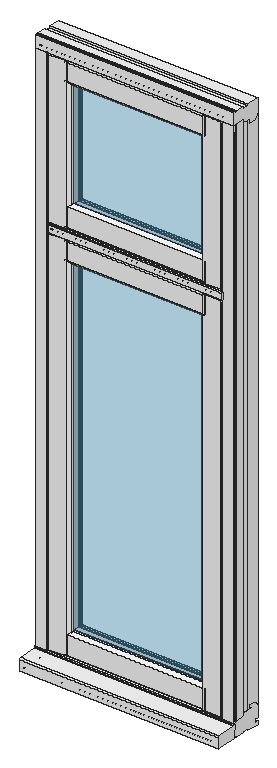
Revit family "C11", category Generic Models, Revit 2012
Parameters (values of type "Window Sill drawing")
  Width = 626 mm
  Height = 1770 mm
  GlazingPanelMaterial = Glass
  Floor Material = White
Types (3, lengths in mm): name | Width | Height | GlazingPanelMaterial | Floor Material
  Window Sill drawing | 626 | 1770 | Glass | White
  Access Manager | 1250 | 1250 | none | none
  window family | 626 | 1770 | Glass | 1.12A ANCHOR FIXING
Reference planes
  plane 1 "Center (Front/Back)": y = 0
  plane 2: z = 0
  plane 3 "Center (Left/Right)": x = 0
  plane 4: z = 33
  plane 5: x = -275.114
  plane 6: x = -311.114
  plane 7: x = -279.114
  plane 8: x = 314.886
  plane 9: y = 67
  plane 10: y = -67
  plane 11: z = 1770
  plane 12: z = 1734
  plane 13: z = 1722
  plane 14: z = 578
  plane 15: z = 622
  plane 16: z = 117
  plane 17: z = 530.5
  plane 18: z = 540.5
  plane 19: x = 275.114
  plane 20: x = 263.114
  plane 21: z = 60
  plane 22: y = 16.985
  plane 23: z = 1730
  plane 24: z = 1255.81
Forms (mm)
  Extrusion 1, solid, not visible
    sketch origin (0, 0, 9.375) x (0, 1, 0) y (0, 0, 1)
      loop
        line (94.662, 311.911) -> (94.314, 312.868) -> (95.314, 312.868) -> (93.454, 317.977) -> (86.115, 317.977) -> (85.011, 317.575) -> (64.143, 317.575) -> (64.143, 311.911) -> (94.662, 311.911)
    from 0 to 250
  Extrusion 2, solid, not visible
    sketch origin (0, 0, 9.375) x (0, 1, 0) y (0, 0, 1)
      loop
        line (93.688, 317.334) -> (85.92, 317.334) -> (87.101, 312.926) -> (95.293, 312.926) -> (93.688, 317.334)
      loop
        line (91.853, 322.376) -> (91.853, 328.194)
        arc (91.853, 328.194) -> (91.424, 329.231) -> (90.388, 329.66) r 1.465
        line (90.388, 329.66) -> (71.853, 329.66) -> (71.853, 322.376) -> (91.853, 322.376)
      loop
        line (73.373, 320.598) -> (64.143, 320.598) -> (64.143, 317.575) -> (73.373, 317.575) -> (73.373, 320.598)
      loop
        line (61.169, 311.884) -> (61.169, 316.884) -> (56.169, 316.884)
        arc (56.169, 316.884) -> (53.926, 317.813) -> (52.996, 320.057) r 3.173
        line (52.996, 320.057) -> (52.996, 327.594)
        arc (52.996, 327.594) -> (53.247, 329.284) -> (54.656, 330.25) r 2.138
        line (54.656, 330.25) -> (56.493, 330.25)
        arc (56.493, 330.25) -> (57.939, 329.727) -> (58.925, 328.548) r 2.95
        line (58.925, 328.548) -> (59.306, 324.922) -> (61.24, 324.922) -> (60.612, 330.901)
        arc (60.612, 330.901) -> (59.723, 332.646) -> (57.894, 333.348) r 2.733
        line (57.894, 333.348) -> (52.423, 333.348)
        arc (52.423, 333.348) -> (50.164, 330.795) -> (49.999, 327.391) r 5.139
        line (49.999, 327.391) -> (47.957, 316.884)
        arc (47.957, 316.884) -> (49.179, 314.507) -> (49.698, 311.884) r 9.583
        line (49.698, 311.884) -> (61.169, 311.884)
    from 0 to 250
  Extrusion 3, solid, not visible
    sketch origin (-848.022, -244.537, 0) x (1, 0, 0) y (0, 1, 0)
      loop
        line (-156.504, 643.402) -> (-146.504, 653.402) -> (-146.504, 655.402) -> (-162.504, 655.402) -> (-162.504, 703.402) -> (-199.504, 703.402)
        arc (-199.504, 703.402) -> (-201.625, 702.524) -> (-202.504, 700.402) r 3
        line (-202.504, 700.402) -> (-202.504, 695.402) -> (-196.504, 695.402) -> (-196.504, 692.402) -> (-202.504, 692.402) -> (-202.504, 679.402) -> (-196.504, 679.402) -> (-196.504, 667.402) -> (-202.504, 667.402) -> (-202.504, 646.402)
        arc (-202.504, 646.402) -> (-201.625, 644.281) -> (-199.504, 643.402) r 3
        line (-199.504, 643.402) -> (-156.504, 643.402)
    from 672 to 1294
  Extrusion 4, solid, not visible
    sketch origin (-848.022, -244.537, 0) x (1, 0, 0) y (0, 1, 0)
      loop
        line (-162.504, 700.402) -> (-162.504, 681.402) -> (-150.504, 681.402) -> (-150.504, 684.402) -> (-146.504, 685.402) -> (-146.504, 689.402) -> (-149.504, 689.402)
        arc (-149.504, 689.402) -> (-151.847, 695.059) -> (-157.504, 697.402) r 8
        line (-157.504, 697.402) -> (-157.504, 700.402) -> (-162.504, 700.402)
    from 672 to 1294
  Extrusion 5, solid, not visible
    sketch origin (-511.418, -643.152, -230) x (1, 0, 0) y (0, 1, 0)
      loop
        line (-200.504, 641.902) -> (-200.504, 638.902) -> (-198.254, 638.902) -> (-198.254, 634.902) -> (-195.818, 634.902) -> (-195.818, 638.902) -> (-193.504, 638.902) -> (-193.504, 641.902) -> (-195.282, 641.902) -> (-195.282, 641.116) -> (-194.482, 641.116) -> (-194.482, 639.814) -> (-199.81, 639.814) -> (-199.81, 641.116) -> (-199.01, 641.116) -> (-199.01, 641.902) -> (-200.504, 641.902)
    from 230 to 852
  Extrusion 6, solid, not visible
    sketch origin (-511.418, -643.152, -140) x (1, 0, 0) y (0, 1, 0)
      loop
        line (-194.482, 639.814) -> (-194.482, 641.116) -> (-199.81, 641.116) -> (-199.81, 639.814) -> (-194.482, 639.814)
    from 140 to 762
  Extrusion 7, solid, not visible
    sketch origin (-511.418, -643.152, 0) x (1, 0, 0) y (0, 1, 0)
      loop
        spline (-199.847, 645.779) -> (-199.478, 645.505) -> (-199.241, 645.183) -> (-199.108, 644.823) -> (-199.048, 644.431) -> (-199.033, 644.016) -> (-199.035, 643.585) -> (-199.023, 643.147) -> (-198.97, 642.709) -> (-198.847, 642.279) -> (-198.624, 641.865) -> (-198.272, 641.475) -> (-197.764, 641.116)
        line (-197.764, 641.116) -> (-196.529, 641.116)
        spline (-196.529, 641.116) -> (-195.991, 641.457) -> (-195.612, 641.839) -> (-195.363, 642.251) -> (-195.215, 642.684) -> (-195.139, 643.129) -> (-195.106, 643.577) -> (-195.086, 644.017) -> (-195.05, 644.441) -> (-194.969, 644.838) -> (-194.814, 645.2) -> (-194.556, 645.517) -> (-194.166, 645.779)
        line (-194.166, 645.779) -> (-199.847, 645.779)
    from 0 to 622
  Extrusion 8, solid, material "White" <- "Floor Material"
    sketch origin (438.886, -3440.583, -3.128) x (0, 1, 0) y (0, 0, 1)
      loop
        line (3451.083, 1725.128) -> (3435.083, 1725.128)
        arc (3435.083, 1725.128) -> (3433.669, 1724.542) -> (3433.083, 1723.128) r 2
        line (3433.083, 1723.128) -> (3415.083, 1723.128)
        arc (3415.083, 1723.128) -> (3414.498, 1724.542) -> (3413.083, 1725.128) r 2
        line (3413.083, 1725.128) -> (3402.083, 1725.128) -> (3402.083, 1730.128)
        arc (3402.083, 1730.128) -> (3401.205, 1732.249) -> (3399.083, 1733.128) r 3
        line (3399.083, 1733.128) -> (3397.083, 1733.128)
        arc (3397.083, 1733.128) -> (3394.962, 1732.249) -> (3394.083, 1730.128) r 3
        line (3394.083, 1730.128) -> (3394.083, 1675.128) -> (3404.083, 1665.128) -> (3406.083, 1665.128) -> (3406.083, 1681.128) -> (3454.083, 1681.128) -> (3454.083, 1722.128)
        arc (3454.083, 1722.128) -> (3453.205, 1724.249) -> (3451.083, 1725.128) r 3
    from -657.987 to -215.666
  Sweep 9, solid, material "White" <- "Floor Material"
    path origin (455.007, -8, -4.107) x (1, 0, 0) y (0, 0, 1)
      loop
        line (-674, 1682) -> (-674, 1312.227) -> (-231.893, 1312.227) -> (-231.893, 1682) -> (-674, 1682)
    profile origin (2.06, -8, 1677.893) x (0, 0, 1) y (0, -1, 0)
      loop
        line (-4.893, -19) -> (0.107, -19) -> (0.107, 0) -> (-11.893, 0) -> (-11.893, -3) -> (-15.893, -4) -> (-15.893, -8) -> (-12.893, -8)
        arc (-12.893, -8) -> (-10.55, -13.657) -> (-4.893, -16) r 8
        line (-4.893, -16) -> (-4.893, -19)
  Extrusion 10, solid, material "Glass"
    sketch origin (2827.381, -1584.07, 0) x (1, 0, 0) y (0, 1, 0)
      loop
        line (-3042.481, 1575.085) -> (-3042.481, 1571.085) -> (-2620.267, 1571.085) -> (-2620.267, 1575.085) -> (-3042.481, 1575.085)
      loop
        line (-3042.481, 1555.085) -> (-3042.481, 1551.085) -> (-2620.267, 1551.085) -> (-2620.267, 1555.085) -> (-3042.481, 1555.085)
    from 1316.369 to 1672
  Sweep 11, solid
    path origin (454.9, -20.977, -4) x (1, 0, 0) y (0, 0, 1)
      loop
        line (-670, 1678) -> (-670, 1316.013) -> (-235.674, 1316.013) -> (-235.674, 1678) -> (-670, 1678)
    profile origin (2.062, -20.977, 1674) x (0, 0, 1) y (0, -1, 0)
      loop
        line (0, -8) -> (0, 8) -> (-10, 8) -> (-10, -8) -> (0, -8)
  Extrusion 12, solid, material "White" <- "Floor Material"
    sketch origin (438.886, -3500.599, -3.128) x (0, 1, 0) y (0, 0, 1)
      loop
        line (3457.583, 41.128) -> (3452.583, 41.128) -> (3395.374, 37.121)
        arc (3395.374, 37.121) -> (3393.389, 36.174) -> (3392.583, 34.128) r 3
        line (3392.583, 34.128) -> (3392.583, 3.128) -> (3397.583, 3.128) -> (3397.583, 5.128)
        arc (3397.583, 5.128) -> (3400.583, 8.128) -> (3403.583, 5.128) r 3
        line (3403.583, 5.128) -> (3403.583, 3.128) -> (3452.583, 3.128) -> (3452.583, 26.128) -> (3457.583, 26.128) -> (3457.583, 41.128)
    from -750 to -124
  Extrusion 13, solid, material "White" <- "Floor Material"
    sketch origin (438.886, -3500.599, -3.128) x (0, 1, 0) y (0, 0, 1)
      loop
        line (3546.583, 58.128) -> (3543.583, 58.128)
        arc (3543.583, 58.128) -> (3540.655, 65.199) -> (3533.583, 68.128) r 10
        line (3533.583, 68.128) -> (3533.583, 71.128) -> (3517.583, 71.128) -> (3517.583, 63.128) -> (3523.583, 63.128) -> (3523.583, 60.128) -> (3517.583, 60.128) -> (3517.583, 59.128) -> (3494.583, 56.128) -> (3494.583, 51.128) -> (3454.583, 46.128)
        arc (3454.583, 46.128) -> (3453.169, 45.542) -> (3452.583, 44.128) r 2
        line (3452.583, 44.128) -> (3452.583, 41.128) -> (3457.583, 41.128) -> (3457.583, 26.128) -> (3452.583, 26.128) -> (3452.583, 3.128) -> (3457.583, 3.128) -> (3457.583, 5.128)
        arc (3457.583, 5.128) -> (3460.583, 8.128) -> (3463.583, 5.128) r 3
        line (3463.583, 5.128) -> (3463.583, 3.128) -> (3489.583, 3.128) -> (3489.583, 8.128) -> (3509.583, 8.128) -> (3509.583, 3.128) -> (3546.583, 3.128) -> (3546.583, 13.128) -> (3536.583, 13.128) -> (3536.583, 23.128) -> (3546.583, 23.128) -> (3546.583, 58.128)
    from -750 to -124
  Sweep 14, solid, material "White" <- "Floor Material"
    path origin (438.886, 0, 0) x (1, 0, 0) y (0, 0, 1)
      loop
        line (-750, 1770) -> (-124, 1770)
    profile origin (1.886, 0, 1770) x (0, 0, 1) y (0, -1, 0)
      loop
        line (0, -10) -> (-5, -10) -> (-5, 10) -> (0, 10) -> (0, 36) -> (-2, 36)
        arc (-2, 36) -> (-5, 39) -> (-2, 42) r 3
        line (-2, 42) -> (0, 42) -> (0, 47) -> (-36, 47) -> (-36, 43)
        arc (-36, 43) -> (-34.834, 41.499) -> (-33, 41) r 3
        line (-33, 41) -> (-33, 34.079)
        arc (-33, 34.079) -> (-34.922, 33.441) -> (-36, 31.727) r 3
        line (-36, 31.727) -> (-36, 7) -> (-44, 7) -> (-44, -1) -> (-36, -1) -> (-36, -4) -> (-44, -4) -> (-44, -14) -> (-36, -14) -> (-36, -18) -> (-56, -18) -> (-56, -34) -> (-53, -34)
        arc (-53, -34) -> (-50.071, -41.071) -> (-43, -44) r 10
        line (-43, -44) -> (-43, -47) -> (0, -47) -> (0, -10)
  Extrusion 15, solid, material "White" <- "Floor Material"
    sketch origin (1192.028, -3440.699, 1654.007) x (0, 1, 0) y (-1, 0, 0)
      loop
        line (3451.083, 1455.128) -> (3435.083, 1455.128)
        arc (3435.083, 1455.128) -> (3433.669, 1454.542) -> (3433.083, 1453.128) r 2
        line (3433.083, 1453.128) -> (3415.083, 1453.128)
        arc (3415.083, 1453.128) -> (3414.498, 1454.542) -> (3413.083, 1455.128) r 2
        line (3413.083, 1455.128) -> (3402.083, 1455.128) -> (3402.083, 1460.128)
        arc (3402.083, 1460.128) -> (3401.205, 1462.249) -> (3399.083, 1463.128) r 3
        line (3399.083, 1463.128) -> (3397.083, 1463.128)
        arc (3397.083, 1463.128) -> (3394.962, 1462.249) -> (3394.083, 1460.128) r 3
        line (3394.083, 1460.128) -> (3394.083, 1405.128) -> (3404.083, 1395.128) -> (3406.083, 1395.128) -> (3406.083, 1411.128) -> (3454.083, 1411.128) -> (3454.083, 1452.128)
        arc (3454.083, 1452.128) -> (3453.205, 1454.249) -> (3451.083, 1455.128) r 3
    from -398.197 to 75.993
  Extrusion 16, solid, material "White" <- "Floor Material"
    sketch origin (-1188.014, -3440.699, 1654.007) x (0, 1, 0) y (-1, 0, 0)
      loop
        arc (3451.083, -1455.128) -> (3453.205, -1454.249) -> (3454.083, -1452.128) r 3
        line (3454.083, -1452.128) -> (3454.083, -1411.128) -> (3406.083, -1411.128) -> (3406.083, -1395.128) -> (3404.083, -1395.128) -> (3394.083, -1405.128) -> (3394.083, -1460.128)
        arc (3394.083, -1460.128) -> (3394.962, -1462.249) -> (3397.083, -1463.128) r 3
        line (3397.083, -1463.128) -> (3399.083, -1463.128)
        arc (3399.083, -1463.128) -> (3401.205, -1462.249) -> (3402.083, -1460.128) r 3
        line (3402.083, -1460.128) -> (3402.083, -1455.128) -> (3413.083, -1455.128)
        arc (3413.083, -1455.128) -> (3414.498, -1454.542) -> (3415.083, -1453.128) r 2
        line (3415.083, -1453.128) -> (3433.083, -1453.128)
        arc (3433.083, -1453.128) -> (3433.669, -1454.542) -> (3435.083, -1455.128) r 2
        line (3435.083, -1455.128) -> (3451.083, -1455.128)
    from -398.197 to 75.993
  Extrusion 17, solid, material "White" <- "Floor Material"
    sketch origin (438.886, -3440.583, 2722.931) x (0, 1, 0) y (0, 0, 1)
      loop
        arc (3451.083, -1455.128) -> (3453.205, -1454.249) -> (3454.083, -1452.128) r 3
        line (3454.083, -1452.128) -> (3454.083, -1411.128) -> (3406.083, -1411.128) -> (3406.083, -1395.128) -> (3404.083, -1395.128) -> (3394.083, -1405.128) -> (3394.083, -1464.121)
        arc (3394.083, -1464.121) -> (3394.962, -1466.243) -> (3397.083, -1467.121) r 3
        line (3397.083, -1467.121) -> (3399.083, -1467.121)
        arc (3399.083, -1467.121) -> (3401.205, -1466.243) -> (3402.083, -1464.121) r 3
        line (3402.083, -1464.121) -> (3402.083, -1455.128) -> (3413.083, -1455.128)
        arc (3413.083, -1455.128) -> (3414.498, -1454.542) -> (3415.083, -1453.128) r 2
        line (3415.083, -1453.128) -> (3433.083, -1453.128)
        arc (3433.083, -1453.128) -> (3433.669, -1454.542) -> (3435.083, -1455.128) r 2
        line (3435.083, -1455.128) -> (3451.083, -1455.128)
    from -657.987 to -215.666
  Extrusion 18, solid, material "White" <- "Floor Material"
    sketch origin (438.886, -3440.583, 1515.005) x (0, 1, 0) y (0, 0, 1)
      loop
        arc (3451.083, -1455.128) -> (3453.205, -1454.249) -> (3454.083, -1452.128) r 3
        line (3454.083, -1452.128) -> (3454.083, -1411.128) -> (3406.083, -1411.128) -> (3406.083, -1395.128) -> (3404.083, -1395.128) -> (3394.083, -1405.128) -> (3394.083, -1464.128)
        arc (3394.083, -1464.128) -> (3394.962, -1466.249) -> (3397.083, -1467.128) r 3
        line (3397.083, -1467.128) -> (3399.083, -1467.128)
        arc (3399.083, -1467.128) -> (3401.205, -1466.249) -> (3402.083, -1464.128) r 3
        line (3402.083, -1464.128) -> (3402.083, -1455.128) -> (3413.083, -1455.128)
        arc (3413.083, -1455.128) -> (3414.498, -1454.542) -> (3415.083, -1453.128) r 2
        line (3415.083, -1453.128) -> (3433.083, -1453.128)
        arc (3433.083, -1453.128) -> (3433.669, -1454.542) -> (3435.083, -1455.128) r 2
        line (3435.083, -1455.128) -> (3451.083, -1455.128)
    from -657.987 to -215.666
  Extrusion 19, solid, material "White" <- "Floor Material"
    sketch origin (-1691.002, -3440.699, -194.324) x (0, 1, 0) y (0, 0, -1)
      loop
        line (3397.083, -1421.91) -> (3393.083, -1421.91) -> (3393.083, -1441.91) -> (3393.083, -1442.91)
        arc (3393.083, -1442.91) -> (3393.669, -1444.325) -> (3395.083, -1444.91) r 2
        line (3395.083, -1444.91) -> (3435.083, -1450.128) -> (3435.083, -1455.128) -> (3458.083, -1458.128) -> (3458.083, -1459.128) -> (3464.083, -1459.128) -> (3464.083, -1462.128) -> (3458.083, -1462.128) -> (3458.083, -1470.128) -> (3474.083, -1470.128) -> (3474.083, -1467.128)
        arc (3474.083, -1467.128) -> (3481.155, -1464.199) -> (3484.083, -1457.128) r 10
        line (3484.083, -1457.128) -> (3487.083, -1457.128) -> (3487.083, -1415.128) -> (3484.083, -1415.128)
        arc (3484.083, -1415.128) -> (3481.155, -1408.057) -> (3474.083, -1405.128) r 10
        line (3474.083, -1405.128) -> (3474.083, -1402.128) -> (3458.083, -1402.128) -> (3458.083, -1422.128) -> (3454.083, -1422.128) -> (3454.083, -1413.91) -> (3444.083, -1413.91) -> (3444.083, -1421.91) -> (3441.083, -1421.91) -> (3441.083, -1415.91) -> (3433.083, -1415.91) -> (3433.083, -1421.91) -> (3408.083, -1421.91)
        arc (3408.083, -1421.91) -> (3406.669, -1422.496) -> (3406.083, -1423.91) r 2
        line (3406.083, -1423.91) -> (3406.083, -1424.91) -> (3399.083, -1424.91) -> (3399.083, -1423.91)
        arc (3399.083, -1423.91) -> (3398.498, -1422.496) -> (3397.083, -1421.91) r 2
    from -1969.889 to -1415.889
  Extrusion 20, solid, material "White" <- "Floor Material"
    sketch origin (438.886, -3440.583, -239.324) x (0, 1, 0) y (0, 0, 1)
      loop
        line (3451.083, 1455.128) -> (3435.083, 1455.128)
        arc (3435.083, 1455.128) -> (3433.669, 1454.542) -> (3433.083, 1453.128) r 2
        line (3433.083, 1453.128) -> (3415.083, 1453.128)
        arc (3415.083, 1453.128) -> (3414.498, 1454.542) -> (3413.083, 1455.128) r 2
        line (3413.083, 1455.128) -> (3402.083, 1455.128) -> (3402.083, 1460.128)
        arc (3402.083, 1460.128) -> (3401.205, 1462.249) -> (3399.083, 1463.128) r 3
        line (3399.083, 1463.128) -> (3397.083, 1463.128)
        arc (3397.083, 1463.128) -> (3394.962, 1462.249) -> (3394.083, 1460.128) r 3
        line (3394.083, 1460.128) -> (3394.083, 1405.128) -> (3404.083, 1395.128) -> (3406.083, 1395.128) -> (3406.083, 1411.128) -> (3454.083, 1411.128) -> (3454.083, 1452.128)
        arc (3454.083, 1452.128) -> (3453.205, 1454.249) -> (3451.083, 1455.128) r 3
    from -657.987 to -215.666
  Sweep 21, solid, material "White" <- "Floor Material"
    path origin (455.007, -8, -514.094) x (1, 0, 0) y (0, 0, 1)
      loop
        line (-674, 1685.809) -> (-674, 618.194) -> (-231.893, 618.194) -> (-231.893, 1685.809) -> (-674, 1685.809)
    profile origin (2.06, -8, 1171.715) x (0, 0, 1) y (0, -1, 0)
      loop
        line (-4.893, -19) -> (0.107, -19) -> (0.107, 0) -> (-11.893, 0) -> (-11.893, -3) -> (-15.893, -4) -> (-15.893, -8) -> (-12.893, -8)
        arc (-12.893, -8) -> (-10.55, -13.657) -> (-4.893, -16) r 8
        line (-4.893, -16) -> (-4.893, -19)
  Extrusion 22, solid, material "White" <- "Floor Material"
    sketch origin (1192.028, -3440.699, 1144.02) x (0, 1, 0) y (-1, 0, 0)
      loop
        line (3451.083, 1455.128) -> (3435.083, 1455.128)
        arc (3435.083, 1455.128) -> (3433.669, 1454.542) -> (3433.083, 1453.128) r 2
        line (3433.083, 1453.128) -> (3415.083, 1453.128)
        arc (3415.083, 1453.128) -> (3414.498, 1454.542) -> (3413.083, 1455.128) r 2
        line (3413.083, 1455.128) -> (3402.083, 1455.128) -> (3402.083, 1460.128)
        arc (3402.083, 1460.128) -> (3401.205, 1462.249) -> (3399.083, 1463.128) r 3
        line (3399.083, 1463.128) -> (3397.083, 1463.128)
        arc (3397.083, 1463.128) -> (3394.962, 1462.249) -> (3394.083, 1460.128) r 3
        line (3394.083, 1460.128) -> (3394.083, 1405.128) -> (3404.083, 1395.128) -> (3406.083, 1395.128) -> (3406.083, 1411.128) -> (3454.083, 1411.128) -> (3454.083, 1452.128)
        arc (3454.083, 1452.128) -> (3453.205, 1454.249) -> (3451.083, 1455.128) r 3
    from -1096.143 to 79.784
  Extrusion 23, solid, material "White" <- "Floor Material"
    sketch origin (-1188.014, -3440.699, 1144.02) x (0, 1, 0) y (-1, 0, 0)
      loop
        arc (3451.083, -1455.128) -> (3453.205, -1454.249) -> (3454.083, -1452.128) r 3
        line (3454.083, -1452.128) -> (3454.083, -1411.128) -> (3406.083, -1411.128) -> (3406.083, -1395.128) -> (3404.083, -1395.128) -> (3394.083, -1405.128) -> (3394.083, -1460.128)
        arc (3394.083, -1460.128) -> (3394.962, -1462.249) -> (3397.083, -1463.128) r 3
        line (3397.083, -1463.128) -> (3399.083, -1463.128)
        arc (3399.083, -1463.128) -> (3401.205, -1462.249) -> (3402.083, -1460.128) r 3
        line (3402.083, -1460.128) -> (3402.083, -1455.128) -> (3413.083, -1455.128)
        arc (3413.083, -1455.128) -> (3414.498, -1454.542) -> (3415.083, -1453.128) r 2
        line (3415.083, -1453.128) -> (3433.083, -1453.128)
        arc (3433.083, -1453.128) -> (3433.669, -1454.542) -> (3435.083, -1455.128) r 2
        line (3435.083, -1455.128) -> (3451.083, -1455.128)
    from -1096.143 to 79.784
  Extrusion 24, solid, material "Glass"
    sketch origin (2827.381, -1584.07, -509.987) x (1, 0, 0) y (0, 1, 0)
      loop
        line (-3042.481, 1575.085) -> (-3042.481, 1571.085) -> (-2608.309, 1571.085) -> (-2608.309, 1575.085) -> (-3042.481, 1575.085)
      loop
        line (-3042.481, 1555.085) -> (-3042.481, 1551.085) -> (-2608.309, 1551.085) -> (-2608.309, 1555.085) -> (-3042.481, 1555.085)
    from 617.987 to 1675.79
  Sweep 25, solid
    path origin (454.9, -20.977, -513.987) x (1, 0, 0) y (0, 0, 1)
      loop
        line (-670, 1681.658) -> (-670, 621.987) -> (-235.828, 621.987) -> (-235.828, 1681.658) -> (-670, 1681.658)
    profile origin (1.986, -20.977, 1167.671) x (0, 0, 1) y (0, -1, 0)
      loop
        line (0, -8) -> (0, 8) -> (-10, 8) -> (-10, -8) -> (0, -8)
  Sweep 26, solid, material "White" <- "Floor Material"
    path origin (1458.886, 0, 984) x (0, 0, -1) y (1, 0, 0)
      loop
        line (-750, -1770) -> (984, -1770)
    profile origin (-311.114, 0, 867) x (0, -1, 0) y (1, 0, 0)
      loop
        line (-10, 0) -> (-10, 5) -> (10, 5) -> (10, 0) -> (36, 0) -> (36, 2)
        arc (36, 2) -> (39, 5) -> (42, 2) r 3
        line (42, 2) -> (42, 0) -> (47, 0) -> (47, 36) -> (43, 36)
        arc (43, 36) -> (41.499, 34.834) -> (41, 33) r 3
        line (41, 33) -> (34.079, 33)
        arc (34.079, 33) -> (33.441, 34.922) -> (31.727, 36) r 3
        line (31.727, 36) -> (7, 36) -> (7, 44) -> (-1, 44) -> (-1, 36) -> (-4, 36) -> (-4, 44) -> (-14, 44) -> (-14, 36) -> (-18, 36) -> (-18, 56) -> (-34, 56) -> (-34, 53)
        arc (-34, 53) -> (-41.071, 50.071) -> (-44, 43) r 10
        line (-44, 43) -> (-47, 43) -> (-47, 0) -> (-10, 0)
  Sweep 27, solid, material "White" <- "Floor Material"
    path origin (-1455.114, 0, 984) x (0, 0, -1) y (1, 0, 0)
      loop
        line (-750, 1770) -> (984, 1770)
    profile origin (314.886, 0, 867) x (0, -1, 0) y (1, 0, 0)
      loop
        line (-10, 0) -> (-47, 0) -> (-47, -43) -> (-44, -43)
        arc (-44, -43) -> (-41.071, -50.071) -> (-34, -53) r 10
        line (-34, -53) -> (-34, -56) -> (-18, -56) -> (-18, -36) -> (-14, -36) -> (-14, -44) -> (-4, -44) -> (-4, -36) -> (-1, -36) -> (-1, -44) -> (7, -44) -> (7, -36) -> (31.727, -36)
        arc (31.727, -36) -> (33.441, -34.922) -> (34.079, -33) r 3
        line (34.079, -33) -> (41, -33)
        arc (41, -33) -> (41.499, -34.834) -> (43, -36) r 3
        line (43, -36) -> (47, -36) -> (47, 0) -> (42, 0) -> (42, -2)
        arc (42, -2) -> (39, -5) -> (36, -2) r 3
        line (36, -2) -> (36, 0) -> (10, 0) -> (10, -5) -> (-10, -5) -> (-10, 0)
  Sweep 28, void
    path origin (0, 0, 0) x (1, 0, 0) y (0, 1, 0)
      loop
        line (-311.114, 5.485) -> (314.886, 5.485)
    profile origin (1.886, 5.485, 0) x (0, 1, 0) y (0, 0, 1)
      loop
        line (40.5, 55) -> (37.5, 55)
        arc (37.5, 55) -> (34.571, 62.071) -> (27.5, 65) r 10
        line (27.5, 65) -> (27.5, 68) -> (11.5, 68) -> (11.5, 60) -> (17.5, 60) -> (17.5, 57) -> (11.5, 57) -> (11.5, 56) -> (-11.5, 53) -> (-11.5, 48) -> (-51.5, 43)
        arc (-51.5, 43) -> (-52.914, 42.414) -> (-53.5, 41) r 2
        line (-53.5, 41) -> (-53.5, 38) -> (-85.864, 33.978) -> (-110.87, 30.977) -> (-135.87, 27.977)
        arc (-135.87, 27.977) -> (-137.748, 26.986) -> (-138.5, 25) r 3
        line (-138.5, 25) -> (-138.5, -5) -> (51.5, -5) -> (51.5, 55) -> (40.5, 55)
Cuts and joins
  Sweep 28 cuts Sweep 26
  Sweep 28 cuts Sweep 27
Dimensions and locks
  plane 11 to plane 12 = 36 mm  (x2)
  plane 12 to plane 13 = 12 mm  (x2)
  locked: plane 14 to level at 578
  plane 15 to plane 14 = 44 mm
  plane 16 to level = 117 mm
  "Height": plane 11 to level
  "Width": plane 6 to plane 8
  plane 6 to plane 8 = 626 mm  (x2)
  Extrusion 15 to Extrusion 16 = 530.214 mm
  plane 21 to level = 60 mm
  aligned and locked: level to plane 2
  aligned and locked: plane 13 to Extrusion 8
  aligned and locked: Sweep 14 sketch curve to plane 11
  aligned and locked: Extrusion 24 to Sweep 25
Automatic sketch dimensions
  Extrusion 8 sketch curve to plane 23 = 0 mm
  Extrusion 8 sketch curve to plane 13 = 0 mm  (x2)
  Extrusion 8 sketch curve to plane 23 = 3 mm
  plane 10 to Extrusion 8 sketch curve = 20.5 mm
  Extrusion 8 sketch curve to Extrusion 8 sketch curve = 2 mm  (x2)
  Extrusion 8 sketch curve to Extrusion 8 sketch curve = 3 mm
  Extrusion 8 sketch curve to Extrusion 8 sketch curve = 10 mm  (x2)
  Extrusion 8 sketch curve to plane 13 = 2 mm
  Extrusion 8 sketch curve to Extrusion 8 sketch curve = 11 mm
  plane 1 "Center (Front/Back)" to Extrusion 8 sketch curve = 7.5 mm
  Extrusion 8 sketch curve to plane 13 = 3 mm
  Extrusion 8 sketch curve to plane 22 = 6.485 mm
  Extrusion 8 sketch curve to Extrusion 8 sketch curve = 42 mm
  Extrusion 8 sketch curve to Extrusion 8 sketch curve = 6 mm
  Sweep 9 sketch curve to plane 5 = 56.12 mm
  Sweep 9 sketch curve to plane 20 = 40 mm
  plane 24 to Sweep 9 sketch curve = 52.31 mm
  Sweep 9 sketch curve to plane 13 = 44.107 mm
  Sweep 9 sketch curve to profile plane = 0 mm
  Sweep 9 sketch curve to profile plane = 8 mm
  profile plane to Sweep 9 sketch curve = 15.893 mm
  Sweep 9 sketch curve to Sweep 9 sketch curve = 3 mm  (x3)
  Sweep 9 sketch curve to Sweep 9 sketch curve = 4 mm
  profile plane to Sweep 9 sketch curve = 4.893 mm
  Sweep 9 sketch curve to profile plane = 0.107 mm
  Sweep 9 sketch curve to profile plane = 4 mm
  plane 1 "Center (Front/Back)" to Extrusion 10 sketch curve = 8.984 mm
  Extrusion 10 sketch curve to plane 5 = 60.013 mm
  Extrusion 10 sketch curve to Extrusion 10 sketch curve = 0 mm  (x2)
  Extrusion 10 sketch curve to plane 20 = 56 mm
  Extrusion 10 sketch curve to Extrusion 10 sketch curve = 4 mm  (x2)
  Extrusion 10 sketch curve to Extrusion 10 sketch curve = 16 mm
  Sweep 11 sketch curve to plane 5 = 60.013 mm
  Sweep 11 sketch curve to plane 20 = 43.888 mm
  plane 24 to Sweep 11 sketch curve = 56.203 mm
  Sweep 11 sketch curve to plane 13 = 48 mm
  profile plane to Sweep 11 sketch curve = 0 mm
  profile plane to Sweep 11 sketch curve = 10 mm
  Sweep 11 sketch curve to profile plane = 8 mm
  profile plane to Sweep 11 sketch curve = 8 mm
  Extrusion 13 sketch curve to level = 0 mm  (x3)
  Extrusion 13 sketch curve to plane 22 = 0 mm  (x2)
  Extrusion 13 sketch curve to plane 21 = 0 mm
  Extrusion 13 sketch curve to plane 22 = 8 mm
  plane 1 "Center (Front/Back)" to Extrusion 13 sketch curve = 6.015 mm
  level to Extrusion 13 sketch curve = 5 mm
  plane 1 "Center (Front/Back)" to Extrusion 13 sketch curve = 11.015 mm
  Extrusion 13 sketch curve to Extrusion 13 sketch curve = 26 mm
  Extrusion 13 sketch curve to Extrusion 13 sketch curve = 3 mm  (x5)
  Extrusion 13 sketch curve to plane 4 = 10 mm
  Extrusion 13 sketch curve to Extrusion 13 sketch curve = 0 mm
  Extrusion 13 sketch curve to Extrusion 13 sketch curve = 5 mm  (x2)
  Extrusion 13 sketch curve to Extrusion 13 sketch curve = 2 mm
  Extrusion 13 sketch curve to Extrusion 13 sketch curve = 6 mm
  plane 21 to Extrusion 13 sketch curve = 5 mm
  Extrusion 13 sketch curve to Extrusion 13 sketch curve = 10 mm  (x3)
  plane 22 to Extrusion 13 sketch curve = 19 mm
  Extrusion 13 sketch curve to plane 21 = 5 mm
  level to Extrusion 13 sketch curve = 2 mm
  level to Extrusion 13 sketch curve = 10 mm
  plane 4 to Extrusion 13 sketch curve = 5 mm
  Extrusion 13 sketch curve to plane 21 = 12 mm
  Extrusion 13 sketch curve to Extrusion 13 sketch curve = 4 mm
  plane 21 to Extrusion 13 sketch curve = 8 mm
  plane 6 to Sweep 14 sketch curve = 0 mm
  Sweep 14 sketch curve to plane 8 = 0 mm
  profile plane to Sweep 14 sketch curve = 0 mm  (x3)
  Sweep 14 sketch curve to Sweep 14 sketch curve = 2 mm  (x2)
  Sweep 14 sketch curve to Sweep 14 sketch curve = 5 mm  (x2)
  Sweep 14 sketch curve to Sweep 14 sketch curve = 31 mm
  Sweep 14 sketch curve to Sweep 14 sketch curve = 0.071 mm
  Sweep 14 sketch curve to Sweep 14 sketch curve = 0.17 mm
  profile plane to Sweep 14 sketch curve = 7 mm
  Sweep 14 sketch curve to Sweep 14 sketch curve = 2.929 mm
  Sweep 14 sketch curve to Sweep 14 sketch curve = 2.83 mm
  Sweep 14 sketch curve to profile plane = 1 mm
  Sweep 14 sketch curve to Sweep 14 sketch curve = 0 mm  (x3)
  Sweep 14 sketch curve to Sweep 14 sketch curve = 7 mm
  Sweep 14 sketch curve to Sweep 14 sketch curve = 8 mm
  Sweep 14 sketch curve to Sweep 14 sketch curve = 10 mm  (x2)
  Sweep 14 sketch curve to Sweep 14 sketch curve = 3 mm  (x4)
  Sweep 14 sketch curve to profile plane = 10 mm
  Sweep 14 sketch curve to Sweep 14 sketch curve = 4 mm
  Sweep 14 sketch curve to Sweep 14 sketch curve = 16 mm
  profile plane to Sweep 14 sketch curve = 10 mm
  Sweep 14 sketch curve to Sweep 14 sketch curve = 24.08 mm
  Sweep 14 sketch curve to Sweep 14 sketch curve = 0.647 mm
  Sweep 14 sketch curve to Sweep 14 sketch curve = 26 mm
  Sweep 14 sketch curve to Sweep 14 sketch curve = 6.921 mm
  Extrusion 15 sketch curve to plane 5 = 7.013 mm
  plane 10 to Extrusion 15 sketch curve = 20.384 mm
  Extrusion 15 sketch curve to plane 5 = 4.013 mm
  Extrusion 15 sketch curve to Extrusion 15 sketch curve = 2 mm  (x4)
  Extrusion 15 sketch curve to Extrusion 15 sketch curve = 3 mm  (x2)
  Extrusion 15 sketch curve to Extrusion 15 sketch curve = 10 mm  (x2)
  Extrusion 15 sketch curve to Extrusion 15 sketch curve = 11 mm
  plane 1 "Center (Front/Back)" to Extrusion 15 sketch curve = 7.616 mm
  Extrusion 15 sketch curve to plane 22 = 6.601 mm
  Extrusion 15 sketch curve to plane 5 = 12.013 mm
  Extrusion 15 sketch curve to Extrusion 15 sketch curve = 42 mm
  Extrusion 15 sketch curve to Extrusion 15 sketch curve = 6 mm
  Extrusion 16 sketch curve to plane 19 = 0 mm
  Extrusion 16 sketch curve to plane 19 = 3 mm  (x2)
  plane 10 to Extrusion 16 sketch curve = 20.384 mm
  Extrusion 16 sketch curve to Extrusion 16 sketch curve = 2 mm  (x4)
  Extrusion 16 sketch curve to Extrusion 16 sketch curve = 10 mm  (x2)
  plane 20 to Extrusion 16 sketch curve = 2 mm
  Extrusion 16 sketch curve to Extrusion 16 sketch curve = 11 mm
  plane 1 "Center (Front/Back)" to Extrusion 16 sketch curve = 7.616 mm
  plane 20 to Extrusion 16 sketch curve = 1 mm
  Extrusion 16 sketch curve to plane 22 = 6.601 mm
  Extrusion 16 sketch curve to plane 20 = 40 mm
  Extrusion 16 sketch curve to Extrusion 16 sketch curve = 6 mm
  Extrusion 17 sketch curve to plane 24 = 0 mm
  plane 24 to Extrusion 17 sketch curve = 3 mm
  plane 10 to Extrusion 17 sketch curve = 20.5 mm
  Extrusion 17 sketch curve to Extrusion 17 sketch curve = 2 mm  (x4)
  Extrusion 17 sketch curve to Extrusion 17 sketch curve = 3 mm  (x2)
  Extrusion 17 sketch curve to Extrusion 17 sketch curve = 10 mm  (x2)
  Extrusion 17 sketch curve to Extrusion 17 sketch curve = 11 mm
  plane 1 "Center (Front/Back)" to Extrusion 17 sketch curve = 7.5 mm
  Extrusion 17 sketch curve to plane 22 = 6.485 mm
  plane 24 to Extrusion 17 sketch curve = 11.993 mm
  Extrusion 17 sketch curve to Extrusion 17 sketch curve = 41 mm
  Extrusion 17 sketch curve to Extrusion 17 sketch curve = 6 mm
  Extrusion 18 sketch curve to plane 21 = 0.123 mm  (x2)
  plane 10 to Extrusion 18 sketch curve = 20.5 mm
  Extrusion 18 sketch curve to Extrusion 18 sketch curve = 3 mm  (x2)
  Extrusion 18 sketch curve to Extrusion 18 sketch curve = 2 mm  (x2)
  plane 16 to Extrusion 18 sketch curve = 2.877 mm
  Extrusion 18 sketch curve to Extrusion 18 sketch curve = 10 mm
  plane 21 to Extrusion 18 sketch curve = 1.877 mm
  Extrusion 18 sketch curve to Extrusion 18 sketch curve = 11 mm
  plane 1 "Center (Front/Back)" to Extrusion 18 sketch curve = 7.5 mm
  plane 21 to Extrusion 18 sketch curve = 2.877 mm
  Extrusion 18 sketch curve to plane 22 = 6.485 mm
  Extrusion 18 sketch curve to plane 21 = 9.123 mm
  Extrusion 18 sketch curve to plane 16 = 13.123 mm
  Extrusion 18 sketch curve to plane 16 = 7.123 mm
  plane 10 to Extrusion 19 sketch curve = 19.384 mm
  Extrusion 19 sketch curve to Extrusion 19 sketch curve = 2 mm  (x3)
  Extrusion 19 sketch curve to Extrusion 19 sketch curve = 4 mm
  Extrusion 19 sketch curve to Extrusion 19 sketch curve = 7 mm  (x2)
  plane 1 "Center (Front/Back)" to Extrusion 19 sketch curve = 7.616 mm
  Extrusion 19 sketch curve to plane 24 = 0.007 mm
  plane 1 "Center (Front/Back)" to Extrusion 19 sketch curve = 5.616 mm
  Extrusion 19 sketch curve to plane 1 "Center (Front/Back)" = 0.384 mm
  Extrusion 19 sketch curve to Extrusion 19 sketch curve = 3 mm  (x4)
  Extrusion 19 sketch curve to plane 22 = 3.601 mm
  plane 22 to Extrusion 19 sketch curve = 0.399 mm  (x3)
  Extrusion 19 sketch curve to Extrusion 19 sketch curve = 6 mm  (x2)
  Extrusion 19 sketch curve to Extrusion 19 sketch curve = 10 mm  (x3)
  Extrusion 19 sketch curve to Extrusion 19 sketch curve = 16 mm
  plane 24 to Extrusion 19 sketch curve = 4.993 mm
  plane 24 to Extrusion 19 sketch curve = 6.993 mm
  plane 24 to Extrusion 19 sketch curve = 7.993 mm
  Extrusion 19 sketch curve to Extrusion 19 sketch curve = 1 mm  (x4)
  Extrusion 19 sketch curve to Extrusion 19 sketch curve = 8 mm
  Extrusion 19 sketch curve to plane 24 = 5.224 mm
  Extrusion 19 sketch curve to Extrusion 19 sketch curve = 18 mm
  Extrusion 19 sketch curve to Extrusion 19 sketch curve = 0.217 mm  (x2)
  Extrusion 19 sketch curve to Extrusion 19 sketch curve = 8.217 mm
  plane 10 to Extrusion 20 sketch curve = 20.5 mm
  Extrusion 20 sketch curve to Extrusion 20 sketch curve = 3 mm  (x3)
  Extrusion 20 sketch curve to Extrusion 20 sketch curve = 2 mm  (x4)
  Extrusion 20 sketch curve to Extrusion 20 sketch curve = 10 mm  (x2)
  Extrusion 20 sketch curve to Extrusion 20 sketch curve = 11 mm
  plane 1 "Center (Front/Back)" to Extrusion 20 sketch curve = 7.5 mm
  Extrusion 20 sketch curve to plane 22 = 6.485 mm
  Extrusion 20 sketch curve to plane 24 = 100.007 mm
  Extrusion 20 sketch curve to Extrusion 20 sketch curve = 16 mm
  Extrusion 20 sketch curve to Extrusion 20 sketch curve = 41 mm
  Extrusion 20 sketch curve to Extrusion 20 sketch curve = 5 mm
  Sweep 21 sketch curve to plane 16 = 12.9 mm
  Sweep 21 sketch curve to plane 5 = 56.12 mm
  Sweep 21 sketch curve to plane 20 = 40 mm
  Sweep 21 sketch curve to plane 24 = 84.095 mm
  Sweep 21 sketch curve to profile plane = 0 mm
  Sweep 21 sketch curve to profile plane = 8 mm
  profile plane to Sweep 21 sketch curve = 15.893 mm
  Sweep 21 sketch curve to Sweep 21 sketch curve = 3 mm  (x3)
  Sweep 21 sketch curve to Sweep 21 sketch curve = 4 mm
  profile plane to Sweep 21 sketch curve = 4.893 mm
  Sweep 21 sketch curve to profile plane = 0.107 mm
  Sweep 21 sketch curve to profile plane = 4 mm
  Extrusion 22 sketch curve to plane 5 = 7.013 mm
  plane 10 to Extrusion 22 sketch curve = 20.384 mm
  Extrusion 22 sketch curve to plane 5 = 4.013 mm
  Extrusion 22 sketch curve to Extrusion 22 sketch curve = 2 mm  (x4)
  Extrusion 22 sketch curve to Extrusion 22 sketch curve = 3 mm  (x2)
  Extrusion 22 sketch curve to Extrusion 22 sketch curve = 10 mm  (x2)
  Extrusion 22 sketch curve to Extrusion 22 sketch curve = 11 mm
  plane 1 "Center (Front/Back)" to Extrusion 22 sketch curve = 7.616 mm
  Extrusion 22 sketch curve to plane 22 = 6.601 mm
  Extrusion 22 sketch curve to plane 5 = 12.013 mm
  Extrusion 22 sketch curve to Extrusion 22 sketch curve = 42 mm
  Extrusion 22 sketch curve to Extrusion 22 sketch curve = 6 mm
  Extrusion 23 sketch curve to plane 19 = 0 mm
  Extrusion 23 sketch curve to plane 19 = 3 mm  (x2)
  plane 10 to Extrusion 23 sketch curve = 20.384 mm
  Extrusion 23 sketch curve to Extrusion 23 sketch curve = 2 mm  (x4)
  Extrusion 23 sketch curve to Extrusion 23 sketch curve = 10 mm  (x2)
  plane 20 to Extrusion 23 sketch curve = 2 mm
  Extrusion 23 sketch curve to Extrusion 23 sketch curve = 11 mm
  plane 1 "Center (Front/Back)" to Extrusion 23 sketch curve = 7.616 mm
  plane 20 to Extrusion 23 sketch curve = 1 mm
  Extrusion 23 sketch curve to plane 22 = 6.601 mm
  Extrusion 23 sketch curve to plane 20 = 40 mm
  Extrusion 23 sketch curve to Extrusion 23 sketch curve = 6 mm
  plane 1 "Center (Front/Back)" to Extrusion 24 sketch curve = 8.984 mm
  Extrusion 24 sketch curve to plane 5 = 60.013 mm
  Extrusion 24 sketch curve to Extrusion 24 sketch curve = 0 mm  (x2)
  Extrusion 24 sketch curve to plane 20 = 44.042 mm
  Extrusion 24 sketch curve to Extrusion 24 sketch curve = 4 mm  (x2)
  Extrusion 24 sketch curve to Extrusion 24 sketch curve = 16 mm
  Sweep 25 sketch curve to plane 16 = 9 mm
  Sweep 25 sketch curve to plane 5 = 60.013 mm
  Sweep 25 sketch curve to plane 20 = 44.042 mm
  Sweep 25 sketch curve to plane 24 = 88.139 mm
  profile plane to Sweep 25 sketch curve = 0 mm
  profile plane to Sweep 25 sketch curve = 10 mm
  Sweep 25 sketch curve to profile plane = 8 mm
  profile plane to Sweep 25 sketch curve = 8 mm
  plane 6 to Sweep 26 sketch curve = 0 mm
  Sweep 26 sketch curve to plane 12 = 0 mm
  Sweep 26 sketch curve to level = 0 mm
  Sweep 26 sketch curve to profile plane = 0 mm  (x3)
  Sweep 26 sketch curve to profile plane = 47 mm
  Sweep 26 sketch curve to Sweep 26 sketch curve = 3 mm  (x2)
  Sweep 26 sketch curve to Sweep 26 sketch curve = 10 mm
  Sweep 26 sketch curve to Sweep 26 sketch curve = 16 mm
  Sweep 26 sketch curve to Sweep 26 sketch curve = 4 mm
  Sweep 26 sketch curve to profile plane = 5 mm
  Sweep 26 sketch curve to profile plane = 10 mm
  Sweep 26 sketch curve to profile plane = 4 mm
  Sweep 26 sketch curve to profile plane = 1 mm
  profile plane to Sweep 26 sketch curve = 7 mm
  profile plane to Sweep 26 sketch curve = 10 mm
  Sweep 26 sketch curve to Sweep 26 sketch curve = 24.08 mm
  Sweep 26 sketch curve to Sweep 26 sketch curve = 0.647 mm
  Sweep 26 sketch curve to Sweep 26 sketch curve = 2.999 mm
  Sweep 26 sketch curve to Sweep 26 sketch curve = 26 mm
  Sweep 26 sketch curve to Sweep 26 sketch curve = 6.921 mm
  Sweep 26 sketch curve to Sweep 26 sketch curve = 2 mm  (x2)
  Sweep 26 sketch curve to Sweep 26 sketch curve = 2.995 mm
  Sweep 26 sketch curve to Sweep 26 sketch curve = 5 mm
  Sweep 26 sketch curve to Sweep 26 sketch curve = 31 mm
  Sweep 26 sketch curve to Sweep 26 sketch curve = 0.071 mm
  Sweep 26 sketch curve to Sweep 26 sketch curve = 0.17 mm
  Sweep 26 sketch curve to Sweep 26 sketch curve = 0 mm  (x3)
  Sweep 26 sketch curve to Sweep 26 sketch curve = 7 mm
  Sweep 26 sketch curve to Sweep 26 sketch curve = 8 mm
  Sweep 26 sketch curve to Sweep 26 sketch curve = 12 mm
  Sweep 27 sketch curve to plane 12 = 0 mm
  Sweep 27 sketch curve to level = 0 mm
  Sweep 27 sketch curve to plane 8 = 0 mm
  Sweep 27 sketch curve to profile plane = 0 mm  (x3)
  Sweep 27 sketch curve to profile plane = 47 mm
  Sweep 27 sketch curve to Sweep 27 sketch curve = 3 mm  (x3)
  Sweep 27 sketch curve to Sweep 27 sketch curve = 10 mm
  Sweep 27 sketch curve to Sweep 27 sketch curve = 16 mm
  Sweep 27 sketch curve to Sweep 27 sketch curve = 4 mm
  profile plane to Sweep 27 sketch curve = 5 mm
  Sweep 27 sketch curve to profile plane = 10 mm
  Sweep 27 sketch curve to profile plane = 4 mm
  Sweep 27 sketch curve to profile plane = 1 mm
  profile plane to Sweep 27 sketch curve = 7 mm
  profile plane to Sweep 27 sketch curve = 10 mm
  Sweep 27 sketch curve to Sweep 27 sketch curve = 24.08 mm
  Sweep 27 sketch curve to Sweep 27 sketch curve = 0.647 mm
  Sweep 27 sketch curve to Sweep 27 sketch curve = 2.999 mm
  Sweep 27 sketch curve to Sweep 27 sketch curve = 26 mm
  Sweep 27 sketch curve to Sweep 27 sketch curve = 6.921 mm
  Sweep 27 sketch curve to Sweep 27 sketch curve = 2 mm
  Sweep 27 sketch curve to Sweep 27 sketch curve = 2.995 mm
  Sweep 27 sketch curve to Sweep 27 sketch curve = 5 mm
  profile plane to Sweep 27 sketch curve = 33 mm
  Sweep 27 sketch curve to Sweep 27 sketch curve = 0.071 mm
  Sweep 27 sketch curve to Sweep 27 sketch curve = 0.17 mm
  Sweep 27 sketch curve to Sweep 27 sketch curve = 0 mm  (x3)
  Sweep 27 sketch curve to Sweep 27 sketch curve = 7 mm
  Sweep 27 sketch curve to Sweep 27 sketch curve = 8 mm
  profile plane to Sweep 27 sketch curve = 2 mm
  Extrusion 12 sketch curve to level = 0 mm  (x2)
  Extrusion 12 sketch curve to plane 4 = 2 mm
  Extrusion 12 sketch curve to plane 10 = 41.015 mm
  plane 4 to Extrusion 12 sketch curve = 0.993 mm
  Extrusion 12 sketch curve to Extrusion 12 sketch curve = 2.79 mm
  Extrusion 12 sketch curve to Extrusion 12 sketch curve = 5 mm  (x2)
  level to Extrusion 12 sketch curve = 2 mm
  Extrusion 12 sketch curve to Extrusion 12 sketch curve = 3 mm
  plane 4 to Extrusion 12 sketch curve = 5 mm
  plane 10 to Extrusion 12 sketch curve = 18.985 mm
  Extrusion 12 sketch curve to Extrusion 12 sketch curve = 0 mm
  Extrusion 12 sketch curve to plane 4 = 10 mm
  Sweep 28 sketch curve to plane 6 = 0 mm
  Sweep 28 sketch curve to plane 8 = 0 mm
  Sweep 28 sketch curve to plane 1 "Center (Front/Back)" = 5.485 mm
  Sweep 28 sketch curve to level = 5 mm
  profile plane to Sweep 28 sketch curve = 138.5 mm
  Sweep 28 sketch curve to Sweep 28 sketch curve = 2.63 mm
  Sweep 28 sketch curve to Sweep 28 sketch curve = 3 mm  (x5)
  level to Sweep 28 sketch curve = 30.977 mm
  Sweep 28 sketch curve to Sweep 28 sketch curve = 25 mm
  level to Sweep 28 sketch curve = 33.978 mm
  Sweep 28 sketch curve to Sweep 28 sketch curve = 25.006 mm
  Sweep 28 sketch curve to Sweep 28 sketch curve = 32.364 mm
  Sweep 28 sketch curve to Sweep 28 sketch curve = 2 mm  (x2)
  profile plane to Sweep 28 sketch curve = 11.5 mm
  Sweep 28 sketch curve to profile plane = 11.5 mm
  Sweep 28 sketch curve to Sweep 28 sketch curve = 0 mm
  Sweep 28 sketch curve to Sweep 28 sketch curve = 6 mm
  Sweep 28 sketch curve to Sweep 28 sketch curve = 10 mm  (x2)
  Sweep 28 sketch curve to Sweep 28 sketch curve = 11 mm
  level to Sweep 28 sketch curve = 25 mm
  Sweep 28 sketch curve to Sweep 28 sketch curve = 4.022 mm
  Sweep 28 sketch curve to Sweep 28 sketch curve = 5 mm  (x2)
  Sweep 28 sketch curve to Sweep 28 sketch curve = 1 mm  (x2)
